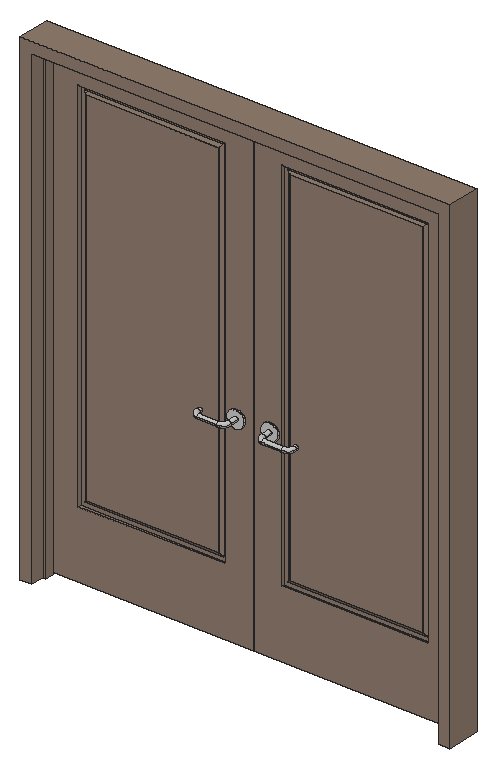
Revit family "Door_RecessedPanel_Ambico_Double-1x1", category Doors, host Wall, Revit 2026
Family settings
  Host = Wall
  Classification Number = 23.30.10.14.11
  Always vertical = Yes
  Cut with Voids When Loaded = No
  Shared = No
  Room Calculation Point = No
Parameters (values of type "as Specified")
  Wind Load = ""
  Water Penetration = ""
  Visual Light Transmittance = VLT  # 0
  VLT = 0
  U = 0.1000 BTU/(h·ft²·°F)
  Thermal Resistance (R) = R  # 0.0000 (h·ft²·°F)/BTU
  Stile Width_Latch Side = 0' - 5"
  Stile Width_Hinge Side = 0' - 5"
  Sound Transmission Class (STC) = 0
  Solar Heat Gain Coefficient = SHGC  # 0
  SHGC = 0
  Rail Height_Top = 0' - 5"
  Rail Height_Bottom = 1' - 0"
  RO Offset = 0' - 0"
  R = 0.0000 (h·ft²·°F)/BTU
  Panel Height = Height - 0' 0 1/4"  # 6' - 11 3/4"
  Heat Transfer Coefficient (U) = U  # 0.1000 BTU/(h·ft²·°F)
  Hardware Finish = Metal - Stainless Steel - Ambico - 4 Finish
  Handle Type Interior [instance] = Handle_Generic Lever : Handle_Generic Lever
  Handle Type Exterior [instance] = Handle_Generic Lever : Handle_Generic Lever
  Handle Height = 3' - 0"
  Function = Interior
  Frame Width = 0' - 2"
  Frame Thickness = 0' - 5 7/8"
  Frame Inset from Exterior [instance] = 0' - 0"
  Frame Finish = Metal - Bronze - Ambico - Architectural
  Building Code Conformance = ""
  Backset [instance] = 0' - 3"
  Air Infiltration = ""
  ASTM Conformance = ""
  Panel Width = Width / 2  # 3' - 0"
  Panel Material = Metal - Bronze - Ambico - Architectural
  Manufacturer Phone = "613-746-4663 "
  Warranty Duration (Years) = 0
  URL = "http://www.ambico.com/"
  Thickness = 0' - 1 3/4"
  Test Data = ""
  Specification = "http://www.arcat.com/sd/clients/ambico.html?coid=40356"
  SpecWizard = ""
  Send Message = "http://www.arcat.com/users.pl?action=UserEmail&company=Ambico Limited&coid=40356&rep=119&fax=800-465-8561&mf="
  Sales Information = "http://www.ambico.com/contact.html"
  Rough Width = (Width + (RO Offset * 2))  # 6' - 0"
  Rough Height = (Height + (RO Offset))  # 7' - 0"
  Product Properties = ""
  Product Data = "http://www.arcat.com/arcatcos/cos40/arc40356.html"
  Manufacturer Website = "http://www.ambico.com/"
  Manufacturer Phone - Toll Free = "888-423-2224"
  Manufacturer Fax = "800-465-8561"
  Manufacturer Address = "1120 Cummings Ave. Ottawa, ON Canada K1J 7R8"
  Maintenance Schedule (Months) = 0
  Installation-Fabrication = "http://www.ambico.com/specs-a-cads-library.html"
  Installation Phase = ""
  Green Building-LEED = "http://www.arcat.com/green/clients/leed_data_40356.html"
  Model = "Recessed Panel 1x1"
  Manufacturer = "Ambico Limited"
  Keynote = "08300"
  Height = 7' - 0"
  Wall Closure = By host
  Width = 6' - 0"
  Fire Rating = "NFR"
  Expected Lifespan (Years) = 0
  Drawn By = "Sumex Design, Inc. / Robert S. Weygant, CSI, CDT, SCIP"
  Description = "Ambico Recessed Panel Steel Door - Pair Configuration as Specified"
  Copyright = "©Arcat Inc."
  Construction Details = "http://www.arcat.com/details/ambico/ambico.html?coid=40356"
  Building Codes = ""
  Assembly Code = ""
  ADA Compliant = yes
  AAMA Designation = ""
Reference planes (in)
  plane 1 "Center (Front/Back)": y = -34.46225
  plane 2 "Center (Left/Right)": x = 62.28704
  plane 3: z = 0
  plane 4 "Right": x = 100.28704
  plane 5 "Left": x = 24.28704
  plane 6 "Closure": y = -36.46225
  plane 7: z = 0
  plane 8 "Top of Frame": z = 86
  plane 9 "RO Top": z = 86
  plane 10 "RO Right": x = 100.28704
  plane 11 "RO Left": x = 24.28704
  plane 12 "Frame Ext": y = -31.96225
  plane 13 "Frame Int": y = -37.83725
  plane 14: x = 98.28704
  plane 15: x = 26.28704
  plane 16: z = 84
  plane 17: z = 36
  plane 18: y = -33.71225
  plane 19: y = -31.96225
  plane 20: x = 59.28704
  plane 21: x = 65.28704
Forms (in)
  Sweep 1, solid, material "Metal - Bronze - Ambico - Architectural" <- "Frame Finish"
    path origin (1.99114, -31.96225, 48) x (-1, 0, 0) y (0, 0, 1)
      loop
        line (-98.2959, -48) -> (-98.2959, 38) -> (-22.2959, 38) -> (-22.2959, -48)
    profile "P_Frame_Standard : P_Frame_Standard" origin (100.28704, -31.96225, 43) x (1, 0, 0) y (0, 1, 0)
      loop
        line (0, 0) -> (-2, 0) -> (-2, -1.9375) -> (-2.625, -1.9375) -> (-2.625, -3.4375) -> (-2, -3.4375) -> (-2, -5.875) -> (0, -5.875) -> (0, 0)
Lines and regions (in)
  Opening 1
    outline origin (-109.33485, -36.46225, 0) x (1, 0, 0) y (0, 0, 1)
      loop
        line (133.62189, 0) -> (209.62189, 0) -> (209.62189, 86) -> (133.62189, 86) -> (133.62189, 0)
Text (in)
  text "Exterior" at (-6.04475, -12.04312, 0), in view "Plan"
  text "Interior" at (-6.04475, -49.12701, 0), in view "Plan"
  text "Exterior" at (0, -17.98638, 123.01588), in view "Right"
  text "Interior" at (0, -64.39139, 123.01588), in view "Right"
  text "Interior" at (0, -52.09468, 121.14095), in view "Left"
  text "Exterior" at (0, 26.35325, 123.00693), in view "Left"
Dimensions and locks (in)
  equal spacing: plane 4 "Right", plane 2 "Center (Left/Right)", plane 5 "Left"
  "Height": level to plane 16
  "RO Offset": plane 5 "Left" to plane 11 "RO Left"
  "RO Offset": plane 10 "RO Right" to plane 4 "Right"
  "RO Offset": plane 9 "RO Top" to plane 8 "Top of Frame"
  "Frame Thickness": plane 12 "Frame Ext" to plane 13 "Frame Int"
  "Frame Width": plane 16 to plane 8 "Top of Frame"
  "Frame Width": plane 4 "Right" to plane 14
  "Frame Width": plane 5 "Left" to plane 15
  "Frame Inset from Exterior": plane 19 to plane 12 "Frame Ext"
  "Handle Height": level to plane 17
  "Thickness": plane 12 "Frame Ext" to plane 18
  locked: plane 19 to host wall at 0.5
  "Width": plane 15 to plane 14
  "Backset": plane 20 to plane 2 "Center (Left/Right)"
  "Backset": plane 2 "Center (Left/Right)" to plane 21
  aligned and locked: host wall to plane 1 "Center (Front/Back)"
  aligned and locked: host wall to plane 6 "Closure"
  aligned and locked: plane 12 "Frame Ext" to nested 1
  aligned and locked: plane 17 to nested 3
  aligned and locked: nested 2 to plane 17
  aligned and locked: nested 1 to plane 14
  aligned and locked: nested 4 to plane 15
  aligned and locked: plane 12 "Frame Ext" to nested 4
  aligned and locked: nested 5 to plane 17
  aligned and locked: plane 17 to nested 6
  aligned and locked: plane 20 to nested 6
  aligned and locked: plane 20 to nested 5
  aligned and locked: plane 21 to nested 2
  aligned and locked: plane 21 to nested 3
Automatic sketch dimensions
  Opening 1 sketch curve to plane 9 "RO Top" = 0' - 0"
  Opening 1 sketch curve to plane 11 "RO Left" = 0' - 0"
  Opening 1 sketch curve to plane 10 "RO Right" = 0' - 0"
  Opening 1 sketch curve to level = 0' - 0"
  Sweep 1 sketch curve to plane 4 "Right" = 0' - 0"
  Sweep 1 sketch curve to plane 5 "Left" = 0' - 0"
  Sweep 1 sketch curve to level = 0' - 0"  (x2)
  Sweep 1 sketch curve to plane 8 "Top of Frame" = 0' - 0"
Nested families (in)
  nested 1: "Panel_Recessed1" at (80.28704, -32.83725, 0.25) x (-1, 0, 0) z (0, 0, 1), Material <- "Panel Material", Width <- "Panel Width", Thickness <- "Thickness", Height <- "Panel Height", Rail_Bottom <- "Rail Height_Bottom", Rail_Top <- "Rail Height_Top", Stile_Hinge <- "Stile Width_Hinge Side", Stile_Latch <- "Stile Width_Latch Side", type "as Specified"
    with offset 0' - 0", Width 3' - 0", Thickness 0' - 1 3/4", Stile_Latch 0' - 5", Stile_Hinge 0' - 5", Rail_Top 0' - 5", Rail_Bottom 1' - 0", Material Metal - Bronze - Ambico - Architectural, Height 6' - 11 3/4", Glazing Glass - Glazing - Ambico - Clear
  nested 2: "Handle_Generic Lever" at (65.28704, -31.96225, 36) x (-1, 0, 0) z (0, 1, 0), Material <- "Hardware Finish", type <- "Handle Type Exterior", type "Handle_Generic Lever"
    with Material Metal - Stainless Steel - Ambico - 4 Finish
  nested 3: "Handle_Generic Lever" at (65.28704, -33.71225, 36) x (-1, 0, 0) z (0, -1, 0), Material <- "Hardware Finish", type <- "Handle Type Interior", type "Handle_Generic Lever"
    with Material Metal - Stainless Steel - Ambico - 4 Finish
  nested 4: "Panel_Recessed1" at (44.28704, -32.83725, 0.25), Material <- "Panel Material", Width <- "Panel Width", Thickness <- "Thickness", Height <- "Panel Height", Rail_Bottom <- "Rail Height_Bottom", Rail_Top <- "Rail Height_Top", Stile_Hinge <- "Stile Width_Hinge Side", Stile_Latch <- "Stile Width_Latch Side", type "as Specified"
    with offset 0' - 0", Width 3' - 0", Thickness 0' - 1 3/4", Stile_Latch 0' - 5", Stile_Hinge 0' - 5", Rail_Top 0' - 5", Rail_Bottom 1' - 0", Material Metal - Bronze - Ambico - Architectural, Height 6' - 11 3/4", Glazing Glass - Glazing - Ambico - Clear
  nested 5: "Handle_Generic Lever" at (59.28704, -33.71225, 36) x (1, 0, 0) z (0, -1, 0), Material <- "Hardware Finish", type <- "Handle Type Interior", type "Handle_Generic Lever"
    with Material Metal - Stainless Steel - Ambico - 4 Finish
  nested 6: "Handle_Generic Lever" at (59.28704, -31.96225, 36) x (1, 0, 0) z (0, 1, 0), Material <- "Hardware Finish", type <- "Handle Type Exterior", type "Handle_Generic Lever"
    with Material Metal - Stainless Steel - Ambico - 4 Finish
Definition of nested family "Panel_Recessed1"
  Parameters (values of type "as Specified")
    offset [instance] = 0' - 0"
    Width [instance] = 3' - 0"
    Warranty Duration (Years) = 0
    URL = "http://www.ambico.com/"
    Thickness [instance] = 0' - 1 3/4"
    Stile_Latch [instance] = 0' - 3.5938"
    Stile_Hinge [instance] = 0' - 3"
    Specification = "http://www.arcat.com/sd/clients/ambico.html?coid=40356"
    SpecWizard = ""
    Send Message = "http://www.arcat.com/users.pl?action=UserEmail&company=Ambico Limited&coid=40356&rep=119&fax=800-465-8561&mf="
    Sales Information = "http://www.ambico.com/contact.html"
    Revision = "R1_03-2012"
    Rail_Top [instance] = 0' - 3.32465"
    Rail_Bottom [instance] = 0' - 4"
    Product Properties = ""
    Product Data = "http://www.arcat.com/arcatcos/cos40/arc40356.html"
    Model = "As Specified"
    Material [instance] = none
    Manufacturer Website = "http://www.ambico.com/"
    Manufacturer Phone - Toll Free = "888-423-2224"
    Manufacturer Phone = "613-746-4663 "
    Manufacturer Fax = "800-465-8561"
    Manufacturer Address = "1120 Cummings Ave. Ottawa, ON Canada K1J 7R8"
    Manufacturer = "Ambico Limited"
    Maintenance Schedule (Months) = 0
    Keynote = "08300"
    Installation-Fabrication = "http://www.ambico.com/specs-a-cads-library.html"
    Installation Phase = ""
    Height [instance] = 7' - 0"
    Green Building-LEED = "http://www.arcat.com/green/clients/leed_data_40356.html"
    Glazing [instance] = none
    Expected Lifespan (Years) = 0
    Drawn By = "Sumex Design, Inc. / Robert S. Weygant, CSI, CDT, SCIP"
    Description = "Ambico Door Product as Specified"
    Default Elevation = 4' - 0"
    Copyright = "©Arcat Inc."
    Construction Details = "http://www.arcat.com/details/ambico/ambico.html?coid=40356"
    Assembly Code = ""
    Analytic Construction = "<None>"
  Reference planes (in)
    plane 1 "Center (Front/Back)": y = 0
    plane 2 "Bottom": z = 0
    plane 3 "Center (Left/Right)": x = 0
    plane 4 "Front": y = -0.875
    plane 5 "Back": y = 0.875
    plane 6 "Left": x = -18
    plane 7 "Right": x = 18
    plane 8 "Top": z = 84
    plane 9: z = 42
    plane 10: z = 80.67535
    plane 11: z = 4
    plane 12: x = 14.4062
    plane 13: x = -15
    plane 14: y = 0.75
    plane 15: y = -0.75
  Forms (in)
    Extrusion 1, solid, material <- "Material"
      sketch origin (0, 0, 0) x (1, 0, 0) y (0, 0, 1)
        loop
          line (-18, 84) -> (-18, 0) -> (18, 0) -> (18, 84) -> (-18, 84)
        loop
          line (-15, 80.67535) -> (-15, 4) -> (14.4062, 4) -> (14.4062, 80.67535) -> (-15, 80.67535)
      from -0.875 to 0.875
    Sweep 2, solid, material <- "Material"
      path origin (0, 0, 0) x (1, 0, 0) y (0, 0, 1)
        loop
          line (-15, 80.67535) -> (-15, 4) -> (14.4062, 4) -> (14.4062, 80.67535) -> (-15, 80.67535)
      profile origin (-0.2969, 0, 80.67535) x (0, 0, 1) y (0, -1, 0)
        loop
          line (0, 0.375) -> (-0.6875, 0.375) -> (-1.25, 0.75) -> (-1.25, -0.75) -> (-0.6875, -0.375) -> (0, -0.375) -> (0, 0.375)
    Extrusion 3, solid, material <- "Material"
      sketch origin (0, 0, 0) x (1, 0, 0) y (0, 0, 1)
        loop
          line (-13.75, 79.42535) -> (-13.75, 5.25) -> (13.1562, 5.25) -> (13.1562, 79.42535) -> (-13.75, 79.42535)
      from -0.75 to 0.75
  Lines and regions (in)
    symbolic lines
      curve 1: line (18, 0, 84) -> (-18, 0, 42)
      curve 2: line (-18, 0, 42) -> (18, 0, 0)
      curve 3: arc (18, 0.875, 0) -> (7.45584, 26.33084, 0) -> (-18, 36.875, 0) r 36
      curve 4: line (-18, 36.875, 0) -> (-18, 0.875, 0)
  Dimensions and locks (in)
    equal spacing: plane 6 "Left", plane 3 "Center (Left/Right)", plane 7 "Right"
    "Width": plane 6 "Left" to plane 7 "Right"
    equal spacing: plane 5 "Back", plane 1 "Center (Front/Back)", plane 4 "Front"
    "Thickness": plane 5 "Back" to plane 4 "Front"
    "Height": plane 8 "Top" to level
    equal spacing: plane 8 "Top", plane 9, level
    "Stile_Hinge": plane 13 to plane 6 "Left"
    "Stile_Latch": plane 7 "Right" to plane 12
    "Rail_Top": plane 8 "Top" to plane 10
    "Rail_Bottom": plane 11 to level
    locked: plane 5 "Back" to plane 14 at 0.125
    locked: plane 15 to plane 4 "Front" at 0.125
    locked: Extrusion 3 sketch curve to plane 11 at 1.25
    locked: Extrusion 3 sketch curve to plane 13 at 1.25
    locked: plane 12 to Extrusion 3 sketch curve at 1.25
    locked: plane 10 to Extrusion 3 sketch curve at 1.25
    locked: plane 15 to Sweep 2 sketch curve at 0.375
    locked: Sweep 2 sketch curve to plane 14 at 0.375
    aligned and locked: Extrusion 1 sketch curve to plane 8 "Top"
    aligned and locked: plane 6 "Left" to Extrusion 1 sketch curve
    aligned and locked: level to Extrusion 1 sketch curve
    aligned and locked: Extrusion 1 sketch curve to plane 7 "Right"
    aligned and locked: Extrusion 1 sketch curve to plane 10
    aligned and locked: plane 13 to Extrusion 1 sketch curve
    aligned and locked: plane 11 to Extrusion 1 sketch curve
    aligned and locked: Extrusion 1 sketch curve to plane 12
    aligned and locked: plane 5 "Back" to Extrusion 1
    aligned and locked: Extrusion 1 to plane 4 "Front"
    aligned and locked: Sweep 2 sketch curve to Extrusion 1  (x4)
    aligned and locked: plane 14 to Extrusion 3
    aligned and locked: plane 15 to Extrusion 3
    aligned and locked: plane 15 to Sweep 2 sketch curve
    aligned and locked: plane 14 to Sweep 2 sketch curve
  Automatic sketch dimensions
    curve 1 to plane 6 "Left" = 0' - 0"
    curve 2 to level = 0' - 0"
    curve 2 to plane 7 "Right" = 0' - 0"
    curve 1 to plane 7 "Right" = 0' - 0"
    curve 1 to plane 9 = 0' - 0"
    curve 1 to plane 8 "Top" = 0' - 0"
    curve 4 to plane 5 "Back" = 0' - 0"
    curve 3 to plane 6 "Left" = 0' - 0"
    curve 3 to plane 5 "Back" = 0' - 0"
    curve 3 to plane 7 "Right" = 0' - 0"
    profile plane to Sweep 2 sketch curve = 0' - 0"
    Sweep 2 sketch curve to Sweep 2 sketch curve = 0' - 0 11/16"
    profile plane to Sweep 2 sketch curve = 0' - 0 11/16"
    Sweep 2 sketch curve to Sweep 2 sketch curve = 0' - 0 9/16"
Definition of nested family "Handle_Generic Lever"
  Parameters
    Material [instance] = none
    Default Elevation = 4' - 0"
  Reference planes (in)
    plane 1 "Center (Front/Back)": y = 0
    plane 2: z = 0
    plane 3 "Center (Left/Right)": x = 0
  Forms (in)
    Sweep 1, solid, material <- "Material"
      path origin (0, 0, 0) x (1, 0, 0) y (0, 0, 1)
        loop
          line (0, 0) -> (0, 1.76511)
          arc (0, 1.76511) -> (-0.29289, 2.47221) -> (-1, 2.76511) r 1
          line (-1, 2.76511) -> (-4.5, 2.76511)
          arc (-4.5, 2.76511) -> (-5.20711, 2.47221) -> (-5.5, 1.76511) r 1
          line (-5.5, 1.76511) -> (-5.5, 1.26511)
      profile origin (0, 0, 0.88255) x (-1, 0, 0) y (0, -1, 0)
        loop
          circle (0, 0) r 0.375
    Extrusion 2, solid, material <- "Material"
      sketch origin (0, 0, 0) x (1, 0, 0) y (0, 1, 0)
        loop
          circle (0, 0) r 1.5
      from 0 to 0.25
  Cuts and joins
    joined: Sweep 1, Extrusion 2
